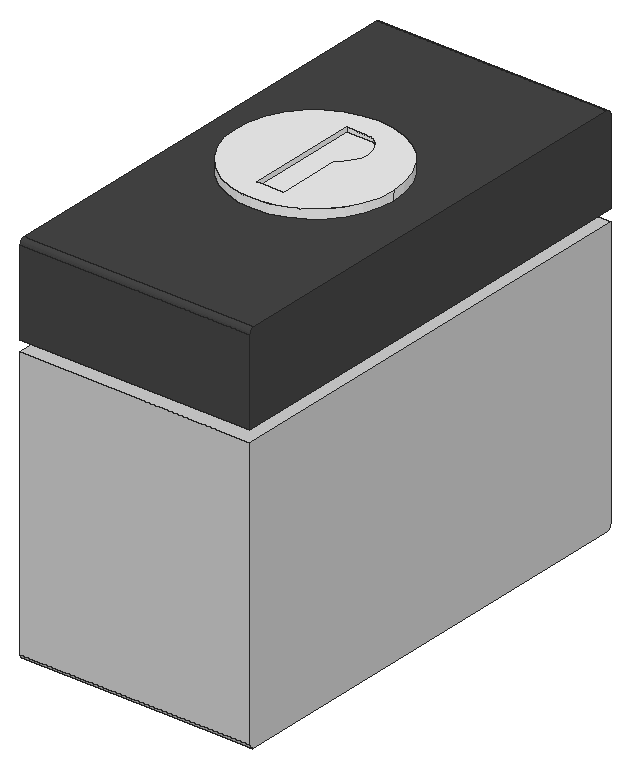
Revit family "Domotics-DomesticRanges-GEWISS-SYSTEM_COMMAND-ONE-WAY_SWITCH_KEY", category Apparecchi elettrici, host Superficie, Revit 2016
Family settings
  Host = Superficie
  Mantenere orientamento annotazione = Sì
  Tipo di parte = Normale
  Quota connettore circolare = Usa diametro
  Numero OmniClass = 23.80.50.11.14
  Titolo OmniClass = Switches
  Taglio con vuoti quando caricato = No
  Condiviso = Sì
  Punto di calcolo locali = Sì
Parameters (values of type "GW21005 - Key-operated switch-2P 10A black")
  Voltage: = "250 V ac"
  Voltage = "250 V ac"
  Volt = 230 V
  Vista di pianta [instance] = yes
  Version file RFA = "19.4"
  URL = "https://www.gewiss.com/ww/en"
  Typology = "With key"
  Type = "With key"
  Technical sheet = "https://www.gewiss.com/ww/en/search?q=GW21005"
  Symbol = "0/1"
  SIMBOLO [instance] = yes
  SEO = "1 way switch"
  Realized by GEWISS S.p.A. = ""
  Pulsante = GEWISS NERO
  Produttore = "GEWISS S.p.A."
  No. SYSTEM modules = "1"
  N. poli = 1
  Modello = "GW21005"
  Immagine tipo = gw21005.jpg
  Simbolo_ = SIMBOLO INTERRUTTORI : INTCHIAVE
  Offset interruttore [instance] = 0 mm
  Offset bidimensionale [instance] = 58 mm
  IFC.TypeObject = ""
  IFC.ExportType = ""
  IFC.ExportAs = ""
  IDT = "4eb9a7d3-e0a4-4258-a2b7-f9de543542f9"
  IDF = "46e1c4a7-1b6e-47e8-9bb1-a477be4951b1"
  Electrocod = "0130"
  EAN code = "8011564127982"
  Distanza_x [instance] = 0 mm
  Distanza_effettiva_y [instance] = 100 mm
  Distanza_effettiva_x [instance] = 1000 mm - Distanza_x  # 1000 mm
  Distanza orizzontale simbolo [instance] = 144.849 mm
  Distanza dal muro [instance] = 4.208 mm
  Default Elevation = 1219.2 mm
  Descrizione = "KEY-OPERATED SWITCH-2P 10A SY/BK"
  Description: = "2P - 10AX"
  Description. = "One-way switch (2P)"
  Colour = "Black"
  Characteristics = "2P - 10AX"
  Catalogue Range = "SYSTEM - DOMESTIC RANGE"
  Catalogue = "DOMOTICS"
  Carico apparente = 0 VA
  COBie.Tagnumber = ""
  COBie.CreatedOn = ""
  COBie.CreatebBy = ""
  COBie.ComponentRegisterItemID = ""
  COBie.Component.TagNumber = ""
  COBie.Component.Space = ""
  COBie.Component.SerialNumber = ""
  COBie.Component.InstallationDate = ""
  COBie.Component.Description = ""
  COBie.Component.BarCode = ""
  Button key = "With key"
Types (2, lengths in mm): name | Technical sheet | Pulsante | Modello | Immagine tipo | IDT | EAN code | Descrizione | Colour
  GW20005 - Key-operated switch-2P 10A white | "https://www.gewiss.com/ww/en/search?q=GW20005" | GEWISS BIANCO | "GW20005" | gw20005.jpg | "6e19c13a-4d11-4896-bf5f-5d669427493f" | "8011564000056" | "KEY-OPERATED SWITCH-2P 10A SY/WT" | "White"
  GW21005 - Key-operated switch-2P 10A black | "https://www.gewiss.com/ww/en/search?q=GW21005" | GEWISS NERO | "GW21005" | gw21005.jpg | "4eb9a7d3-e0a4-4258-a2b7-f9de543542f9" | "8011564127982" | "KEY-OPERATED SWITCH-2P 10A SY/BK" | "Black"
Reference planes
  plane 1 "Centro (Fronte/Retro)": y = 0
  plane 2: z = 0
  plane 3 "Centro (Sinistra/Destra)": x = 0
  plane 4: z = 0
  plane 5: z = 0
  plane 6 "PIANO PLACCA": z = 39
  plane 7 "bidimensionale": z = 58
  plane 8: x = -11.5
  plane 9: x = 11.5
  plane 10: y = 22.5
  plane 11: y = -22.5
  plane 12: x = -1000
  plane 13: x = 0
  plane 14: y = 100
Lines and regions (mm)
  Masking region 1, visible <- "Vista di pianta"
    outline origin (0, 0, 0) x (1, 0, 0) y (0, 0, 1)
      loop
        line (-11.5, 39) -> (-11.5, 0) -> (11.5, 0) -> (11.5, 39) -> (-11.5, 39)
  Masking region 2, visible <- "Vista di pianta"
    outline origin (0, 0, 58) x (-1, 0, 0) y (0, -1, 0)
      loop
        line (11.5, -22.5) -> (11.5, 22.5) -> (-11.5, 22.5) -> (-11.5, -22.5) -> (11.5, -22.5)
  Masking region 3, visible <- "Vista di pianta"
    outline origin (0, 0, 0) x (0, 1, 0) y (0, 0, 1)
      loop
        line (-22.5, 39) -> (-22.5, 0) -> (22.5, 0) -> (22.5, 39) -> (-22.5, 39)
  model lines, not visible, detail levels coarse
    curve 1: line (125.982, 72.539, 15.382) -> (148.982, 72.539, 15.382)
    curve 2: line (125.982, 27.539, 15.382) -> (125.982, 72.539, 15.382)
    curve 3: circle (137.561, 62.245, 15.382) r 2.942 normal (0, 0, 1)
    curve 4: circle (137.482, 50.039, 15.382) r 2.942 normal (0, 0, 1)
    curve 5: circle (137.561, 37.834, 15.382) r 2.942 normal (0, 0, 1)
    curve 6: line (148.982, 72.539, 15.382) -> (148.982, 27.539, 15.382)
    curve 7: line (148.982, 27.539, 15.382) -> (125.982, 27.539, 15.382)
  model lines, style "pulsanti", detail levels coarse
    curve 8: line (-11.5, 22.5, 39) -> (11.5, 22.5, 39)
    curve 9: line (-11.5, -22.5, 39) -> (-11.5, 22.5, 39)
    curve 10: line (11.5, -22.5, 39) -> (-11.5, -22.5, 39)
    curve 11: line (11.5, 22.5, 39) -> (11.5, -22.5, 39)
  model lines, style "pulsanti"
    curve 12: circle (0, 14.316, 39) r 2.574 normal (0, 0, -1)
    curve 13: line (9.731, 12.164, 39) -> (9.731, 7.164, 39)
    curve 14: circle (0, 0, 39) r 9.447 normal (0, 0, 1)
    curve 15: circle (0, 0, 39) r 7.891 normal (0, 0, 1)
    curve 16: line (1.32, 5.555, 39) -> (-1.32, 5.555, 39)
    curve 17: line (-1.32, 5.555, 39) -> (-1.32, 0.665, 39)
    curve 18: line (-1.32, 0.665, 39) -> (-1.32, -5.649, 39)
    curve 19: line (-1.32, -5.649, 39) -> (1.321, -5.649, 39)
    curve 20: line (1.321, -5.649, 39) -> (1.321, 0.666, 39)
    curve 21: arc (1.321, 0.666, 39) -> (2.778, 3.111, 39) -> (1.32, 5.555, 39) r 2.778
  model lines, style "pulsanti", not visible, detail levels coarse
    curve 22: line (-11.5, 22.5, 58) -> (11.5, 22.5, 58)
    curve 23: line (-11.5, -22.5, 58) -> (-11.5, 22.5, 58)
    curve 24: line (11.5, -22.5, 58) -> (-11.5, -22.5, 58)
    curve 25: line (11.5, 22.5, 58) -> (11.5, -22.5, 58)
    curve 26: circle (0, 14.316, 58) r 2.574 normal (0, 0, -1)
    curve 27: line (9.731, 12.164, 58) -> (9.731, 7.164, 58)
    curve 28: circle (0, 0, 58) r 9.447 normal (0, 0, 1)
    curve 29: circle (0, 0, 58) r 7.891 normal (0, 0, 1)
    curve 30: line (1.32, 5.555, 58) -> (-1.32, 5.555, 58)
    curve 31: line (-1.32, 5.555, 58) -> (-1.32, 0.665, 58)
    curve 32: line (-1.32, 0.665, 58) -> (-1.32, -5.649, 58)
    curve 33: line (-1.32, -5.649, 58) -> (1.321, -5.649, 58)
    curve 34: line (1.321, -5.649, 58) -> (1.321, 0.666, 58)
    curve 35: arc (1.321, 0.666, 58) -> (2.778, 3.111, 58) -> (1.32, 5.555, 58) r 2.778
  model lines, style "pulsanti", not visible, detail levels medium+fine
    curve 36: line (-11.5, 22.5, 39) -> (11.5, 22.5, 39)
    curve 37: line (-11.5, -22.5, 39) -> (-11.5, 22.5, 39)
    curve 38: line (11.5, -22.5, 39) -> (-11.5, -22.5, 39)
    curve 39: line (11.5, 22.5, 39) -> (11.5, -22.5, 39)
    curve 40: circle (0, 14.316, 39) r 2.574 normal (0, 0, -1)
    curve 41: line (9.731, 12.164, 39) -> (9.731, 7.164, 39)
    curve 42: circle (0, 0, 39) r 9.447 normal (0, 0, 1)
    curve 43: circle (0, 0, 39) r 7.891 normal (0, 0, 1)
    curve 44: line (1.32, 5.555, 39) -> (-1.32, 5.555, 39)
    curve 45: line (-1.32, 5.555, 39) -> (-1.32, 0.665, 39)
    curve 46: line (-1.32, 0.665, 39) -> (-1.32, -5.649, 39)
    curve 47: line (-1.32, -5.649, 39) -> (1.321, -5.649, 39)
    curve 48: line (1.321, -5.649, 39) -> (1.321, 0.666, 39)
    curve 49: arc (1.321, 0.666, 39) -> (2.778, 3.111, 39) -> (1.32, 5.555, 39) r 2.778
Dimensions and locks
  "Offset interruttore": plane 5 to host face
  locked: plane 6 "PIANO PLACCA" to plane 5 at 39
  "Offset bidimensionale": plane 7 "bidimensionale" to plane 4
  plane 6 "PIANO PLACCA" to plane 5 = 39 mm
  locked: plane 10 to plane 11 at 45
  plane 12 to plane 3 "Centro (Sinistra/Destra)" = 1000 mm
  "Distanza_effettiva_x": plane 12 to plane 13
  "Distanza_effettiva_y": plane 14 to plane 1 "Centro (Fronte/Retro)"
  aligned and locked: plane 2 to host face
  aligned and locked: level to host face
  aligned and locked: nested 1 to plane 5
  aligned and locked: Masking region 1 sketch curve to plane 6 "PIANO PLACCA"
  aligned and locked: plane 5 to Masking region 1 sketch curve
  aligned and locked: Masking region 1 sketch curve to plane 9
  aligned and locked: plane 8 to Masking region 1 sketch curve
  aligned and locked: plane 10 to nested 1
  aligned and locked: plane 11 to nested 1
  aligned and locked: plane 13 to nested 2
  aligned and locked: nested 2 to plane 14
  aligned and locked: Masking region 2 sketch curve to curve 8
  aligned and locked: plane 8 to Masking region 2 sketch curve
  aligned and locked: Masking region 2 sketch curve to curve 10
  aligned and locked: Masking region 2 sketch curve to curve 11
  aligned and locked: Masking region 3 sketch curve to plane 6 "PIANO PLACCA"
  aligned and locked: plane 11 to Masking region 3 sketch curve
  aligned and locked: plane 5 to Masking region 3 sketch curve
  aligned and locked: nested 1 to Masking region 3 sketch curve
Automatic sketch dimensions
  host sketch curve to host sketch curve = 2438.4 mm  (x2)
  curve 14 to curve 15 = 0 mm  (x4)
  curve 12 to curve 14 = 14.316 mm
  curve 21 to curve 14 = 3.11 mm
  curve 19 to curve 14 = 5.801 mm
  curve 11 to curve 19 = 19.687 mm
  curve 14 to curve 17 = 1.478 mm
  curve 14 to curve 21 = 1.48 mm
  curve 21 to curve 17 = 2.778 mm
  curve 16 to curve 13 = 8.564 mm
  curve 13 to curve 13 = 5 mm  (x2)
  curve 12 to curve 9 = 14.115 mm
  curve 13 to curve 8 = 10.486 mm
  curve 21 to curve 21 = 2.778 mm
  curve 13 to curve 12 = 9.967 mm
  curve 11 to curve 13 = 10.486 mm
  curve 16 to curve 17 = 2.639 mm
  curve 19 to curve 18 = 2.641 mm
  curve 18 to curve 10 = 19.687 mm
  curve 42 to curve 43 = 0 mm  (x4)
  curve 40 to curve 42 = 0 mm
  curve 49 to curve 42 = 0 mm
  curve 47 to curve 42 = 5.649 mm
  curve 39 to curve 47 = 16.851 mm
  curve 42 to curve 45 = 0.665 mm
  curve 42 to curve 49 = 0.666 mm
  curve 49 to curve 45 = 2.445 mm
  curve 44 to curve 41 = 1.609 mm
  curve 41 to curve 41 = 5 mm
  curve 40 to curve 37 = 8.184 mm
  curve 41 to curve 36 = 10.336 mm
  curve 49 to curve 49 = 1.32 mm
  curve 41 to curve 40 = 9.731 mm
  curve 39 to curve 41 = 1.769 mm
  curve 44 to curve 45 = 2.639 mm
  curve 47 to curve 46 = 2.641 mm
  curve 46 to curve 38 = 10.18 mm
  curve 18 to nested 1 = 0 mm  (x2)
  curve 20 to nested 1 = 0 mm
  curve 17 to nested 1 = 0 mm
  nested 1 to curve 12 = 1.32 mm
  curve 12 to nested 1 = 8.761 mm
  curve 11 to nested 1 = 16.851 mm
  curve 14 to curve 17 = 0.665 mm
  curve 13 to nested 1 = 1.609 mm
  curve 12 to curve 9 = 8.184 mm
  curve 13 to nested 1 = 8.41 mm
  curve 11 to nested 1 = 10.179 mm
  curve 10 to nested 1 = 10.18 mm
  radius of curve 12 = 2.574 mm  (x2)
  radius of curve 14 = 9.447 mm
  radius of curve 15 = 7.891 mm
  radius of curve 40 = 2.574 mm
  radius of curve 42 = 9.447 mm
  radius of curve 43 = 7.891 mm
  radius of nested 1 to curve 14 = 1.556 mm
  radius of curve 15 to nested 1 = 0 mm
  radius of curve 21 to nested 1 = 0 mm
Nested families
  nested 1: "SYSTEM INTERRUTTORI CHIAVE_BASE" at (0, 0, 0), Pulsante <- "Pulsante", type "GW20005 - INTERRUTTORE 2P 10A CON CHIAVE SY/WT", detail levels medium+fine
    with Pulsante GEWISS NERO
  nested 2: "SIMBOLO INTERRUTTORI" at (0, 100, 0), type <- "Simbolo_", Distanza dal muro <- "Distanza dal muro", SIMBOLO <- "SIMBOLO", visible <- "SIMBOLO", type "INTCHIAVE"
    with BORDO ACCESO yes
Connectors
  electrical at (0, 0, 0), driven by "N. poli", driven by "Volt", driven by "Carico apparente"
    settings: on nested 1, index 1, voltage 230 V, apparent load 0 VA, apparent load phase1 0 VA, apparent load phase2 0 VA, apparent load phase3 0 VA, power factor 1, load classification "Other", number of poles 1, system type 31, power factor state 1, is connector primary yes, connector utility no, sub classification motor no, connector description ""
Definition of nested family "SYSTEM INTERRUTTORI CHIAVE_BASE"
  Parameters (values of type "GW20005 - INTERRUTTORE 2P 10A CON CHIAVE SY/WT")
    Vetro illuminato = yes
    Struttura = none
    Simbolo = INCHIAVE : INCHIAVE
    Pulsante [instance] = none
    Profondità totale = 39 mm
    Profondità supporto = 26 mm
    Larghezza pulsante = 23 mm
    Distanza simbolo = 254 mm
    Default Elevation = 1219.2 mm
    Chiave = none
    Bidimensionale = 44.7 mm
    Altezza simbolo = 306 mm
    Altezza pulsante = 45 mm
  Reference planes
    plane 1 "Centro (Fronte/Retro)": y = 0
    plane 2: z = 0
    plane 3 "Centro (Sinistra/Destra)": x = 0
    plane 4: x = -10.5
    plane 5: x = 10.5
    plane 6: y = 22.5
    plane 7: y = -22.5
    plane 8: z = 26
    plane 9: x = -11.5
    plane 10: x = 11.5
    plane 11: z = 37.721
    plane 12 "PIANO BIDIMENSIONALE": z = 44.7
    plane 13: z = 39
  Forms (mm)
    Extrusion 1, solid, material <- "Struttura", detail levels medium+fine
      sketch origin (0, 0, 0) x (0, 1, 0) y (0, 0, 1)
        loop
          line (22.5, 0.5) -> (22.5, 27.571) -> (-22.5, 27.571) -> (-22.5, 0.5)
          arc (-22.5, 0.5) -> (-22.354, 0.146) -> (-22, 0) r 0.5
          line (-22, 0) -> (22, 0)
          arc (22, 0) -> (22.354, 0.146) -> (22.5, 0.5) r 0.5
      from -11.5 to 11.5
    Extrusion 2, solid, material <- "Pulsante", detail levels medium+fine
      sketch origin (0, 0, 0) x (0, 1, 0) y (0, 0, 1)
        loop
          arc (-22, 37.721) -> (-22.354, 37.575) -> (-22.5, 37.221) r 0.5
          line (-22.5, 37.221) -> (-22.5, 28.721) -> (3, 28.721) -> (22.5, 28.721) -> (22.5, 37.221)
          arc (22.5, 37.221) -> (22.354, 37.575) -> (22, 37.721) r 0.5
          arc (22, 37.721) -> (0, 38.721) -> (-22, 37.721) r 242.438
      from -11.5 to 11.5
    Extrusion 3, solid, material <- "Chiave", detail levels medium+fine
      sketch origin (0, 0, 0) x (1, 0, 0) y (0, 1, 0)
        loop
          circle (0, 0) r 7.891
      from 39 to 38.109
    Extrusion 4, void, detail levels medium+fine
      sketch origin (0, 0, 0) x (1, 0, 0) y (0, 1, 0)
        loop
          line (-1.32, 5.555) -> (-1.32, -5.649) -> (1.321, -5.649) -> (1.321, 0.666)
          arc (1.321, 0.666) -> (2.778, 3.111) -> (1.32, 5.555) r 2.778
          line (1.32, 5.555) -> (-1.32, 5.555)
      from 38.604 to 39
  Cuts and joins
    Extrusion 4 cuts Extrusion 1
    Extrusion 4 cuts Extrusion 3
  Lines and regions (mm)
    Masking region 1
      outline origin (0, 0, 44.7) x (1, 0, 0) y (0, 1, 0)
        loop
          line (-11.5, 22.5) -> (-11.5, -22.5) -> (11.5, -22.5) -> (11.5, 22.5) -> (-11.5, 22.5)
        loop
          circle (0, 0) r 9.447
        loop
          circle (0, 14.316) r 2.574
    Masking region 2
      outline origin (0, 0, 44.7) x (1, 0, 0) y (0, 1, 0)
        loop
          circle (0, 0) r 9.447
        loop
          circle (0, 0) r 7.891
    Masking region 3
      outline origin (0, 0, 44.7) x (1, 0, 0) y (0, 1, 0)
        loop
          circle (0, 0) r 7.891
        loop
          line (-1.32, -5.649) -> (1.321, -5.649) -> (1.321, 0.666)
          arc (1.321, 0.666) -> (2.778, 3.111) -> (1.32, 5.555) r 2.778
          line (1.32, 5.555) -> (-1.32, 5.555) -> (-1.32, -5.649)
    Masking region 4
      outline origin (0, 0, 44.7) x (1, 0, 0) y (0, 1, 0)
        loop
          line (-1.32, 5.555) -> (-1.32, -5.649) -> (1.321, -5.649) -> (1.321, 0.666)
          arc (1.321, 0.666) -> (2.778, 3.111) -> (1.32, 5.555) r 2.778
          line (1.32, 5.555) -> (-1.32, 5.555)
    Masking region 5
      outline origin (0, 0, 44.7) x (1, 0, 0) y (0, 1, 0)
        loop
          circle (0, 14.316) r 2.574
    reference lines
      curve 1: line (0, 75.97, 28.721) -> (0, -79.03, 28.721)
  Dimensions and locks
    equal spacing: plane 7, plane 1 "Centro (Fronte/Retro)", plane 6
    "Altezza pulsante": plane 7 to plane 6
    equal spacing: plane 4, plane 3 "Centro (Sinistra/Destra)", plane 5
    "Bidimensionale": level to plane 12 "PIANO BIDIMENSIONALE"
    "Profondità supporto": plane 8 to plane 2
    "Profondità totale": plane 13 to plane 2
    "Larghezza pulsante": plane 9 to plane 10
    plane 9 to plane 4 = 1 mm
    plane 5 to plane 10 = 1 mm
    aligned and locked: level to plane 2
    aligned and locked: cut or joined group of Extrusion 3, Extrusion 4 to Extrusion 4
    aligned and locked: Extrusion 1 to Extrusion 2  (x2)
    aligned and locked: cut or joined group of Extrusion 1, Extrusion 4 to plane 7
    aligned and locked: cut or joined group of Extrusion 1, Extrusion 4 to plane 6
    aligned and locked: Extrusion 2 to plane 6
    aligned and locked: Extrusion 2 to plane 7
    aligned and locked: plane 9 to cut or joined group of Extrusion 1, Extrusion 4
    aligned and locked: cut or joined group of Extrusion 1, Extrusion 4 to plane 10
    aligned and locked: Masking region 1 sketch curve to Extrusion 2  (x4)
  Automatic sketch dimensions
    curve 1 to plane 7 = 56.53 mm
    level to curve 1 = 28.721 mm
    curve 1 to plane 6 = 53.47 mm
    Extrusion 4 sketch curve to plane 3 "Centro (Sinistra/Destra)" = 1.32 mm
    plane 3 "Centro (Sinistra/Destra)" to Extrusion 4 sketch curve = 1.321 mm
    plane 1 "Centro (Fronte/Retro)" to Extrusion 4 sketch curve = 5.649 mm
    Extrusion 4 sketch curve to plane 3 "Centro (Sinistra/Destra)" = 0 mm
    Extrusion 4 sketch curve to Extrusion 4 sketch curve = 2.445 mm
    Extrusion 4 sketch curve to plane 1 "Centro (Fronte/Retro)" = 0.666 mm
    plane 3 "Centro (Sinistra/Destra)" to Extrusion 4 sketch curve = 1.32 mm
    Masking region 1 sketch curve to Masking region 1 sketch curve = 0 mm  (x2)
    plane 1 "Centro (Fronte/Retro)" to Masking region 1 sketch curve = 0 mm
    Masking region 1 sketch curve to plane 3 "Centro (Sinistra/Destra)" = 0 mm
    Masking region 1 sketch curve to plane 4 = 1.053 mm
    plane 1 "Centro (Fronte/Retro)" to Masking region 2 sketch curve = 0 mm
    Masking region 2 sketch curve to plane 3 "Centro (Sinistra/Destra)" = 0 mm
    Masking region 2 sketch curve to plane 4 = 1.053 mm
    Masking region 2 sketch curve to Masking region 2 sketch curve = 0 mm  (x2)
    Masking region 2 sketch curve to Masking region 2 sketch curve = 1.556 mm
    plane 1 "Centro (Fronte/Retro)" to Masking region 3 sketch curve = 0 mm
    Masking region 3 sketch curve to plane 3 "Centro (Sinistra/Destra)" = 0 mm  (x2)
    Masking region 3 sketch curve to plane 4 = 2.609 mm
    Masking region 3 sketch curve to plane 3 "Centro (Sinistra/Destra)" = 1.32 mm
    Masking region 3 sketch curve to plane 1 "Centro (Fronte/Retro)" = 5.555 mm
    plane 3 "Centro (Sinistra/Destra)" to Masking region 3 sketch curve = 1.32 mm
    plane 1 "Centro (Fronte/Retro)" to Masking region 3 sketch curve = 5.649 mm
    Masking region 3 sketch curve to Masking region 3 sketch curve = 2.445 mm
    Masking region 3 sketch curve to plane 1 "Centro (Fronte/Retro)" = 0.666 mm
    Masking region 4 sketch curve to plane 3 "Centro (Sinistra/Destra)" = 0 mm
    plane 3 "Centro (Sinistra/Destra)" to Masking region 4 sketch curve = 1.32 mm
    Masking region 4 sketch curve to plane 1 "Centro (Fronte/Retro)" = 3.11 mm
    Masking region 4 sketch curve to Masking region 4 sketch curve = 2.445 mm
    Masking region 4 sketch curve to plane 1 "Centro (Fronte/Retro)" = 0.666 mm
    plane 1 "Centro (Fronte/Retro)" to Masking region 4 sketch curve = 5.649 mm
    Masking region 4 sketch curve to plane 3 "Centro (Sinistra/Destra)" = 1.32 mm
    Masking region 5 sketch curve to Masking region 5 sketch curve = 0 mm  (x2)
    Masking region 5 sketch curve to plane 3 "Centro (Sinistra/Destra)" = 0 mm
    plane 6 to Masking region 5 sketch curve = 8.184 mm
    Masking region 5 sketch curve to plane 3 "Centro (Sinistra/Destra)" = 2.574 mm
    Extrusion 2 sketch curve to plane 7 = 0 mm
    Extrusion 2 sketch curve to plane 11 = 0 mm  (x2)
    Extrusion 2 sketch curve to plane 1 "Centro (Fronte/Retro)" = 0 mm
    Extrusion 2 sketch curve to plane 6 = 0 mm
    plane 7 to Extrusion 2 sketch curve = 0.5 mm
    Extrusion 2 sketch curve to plane 8 = 2.721 mm
    Extrusion 2 sketch curve to level = 203.717 mm
    Extrusion 2 sketch curve to plane 1 "Centro (Fronte/Retro)" = 3 mm
    Extrusion 1 sketch curve to plane 7 = 0 mm
    Extrusion 1 sketch curve to level = 0 mm
    Extrusion 1 sketch curve to plane 6 = 0 mm
    plane 7 to Extrusion 1 sketch curve = 0.5 mm
    level to Extrusion 1 sketch curve = 0.5 mm
    Extrusion 1 sketch curve to plane 8 = 1.571 mm
  Connectors
    electrical at (0, 0, 0)
      settings: on cut or joined group of Extrusion 1, Extrusion 4, index 1, voltage 0 V, apparent load 0 VA, apparent load phase1 0 VA, apparent load phase2 0 VA, apparent load phase3 0 VA, power factor 1, load classification none, number of poles 1, system type 31, power factor state 1, is connector primary yes, connector utility no, sub classification motor no, connector description ""
Definition of nested family "SIMBOLO INTERRUTTORI"
  Parameters (values of type "RELE PP")
    TIPO SIMBOLO = SIMBOLO INTERRUTTORI_BASE : RELE PP
    SIMBOLO [instance] = yes
    Distanza dal muro [instance] = 4.208 mm
    BORDO ACCESO [instance] = yes
  Types (8, lengths in mm): name | TIPO SIMBOLO
    INT1P | SIMBOLO INTERRUTTORI_BASE : INT1P
    INT1PLUM | SIMBOLO INTERRUTTORI_BASE : INT1PLUM
    INT2P | SIMBOLO INTERRUTTORI_BASE : INT2P
    INT2PLUM | SIMBOLO INTERRUTTORI_BASE : INT2PLUM
    INTCHIAVE | SIMBOLO INTERRUTTORI_BASE : INTCHIAVE
    RELE | SIMBOLO INTERRUTTORI_BASE : RELE
    RELE M | SIMBOLO INTERRUTTORI_BASE : RELE M
    RELE PP | SIMBOLO INTERRUTTORI_BASE : RELE PP
  Reference planes
    plane 1: y = 0
    plane 2: x = 0
  Lines and regions (mm)
    detail lines, visible <- "BORDO ACCESO", not visible
      curve 1: line (-2.25, 0.412, 0) -> (2.25, 0.412, 0)
      curve 2: line (2.25, 0.412, 0) -> (2.25, -5.588, 0)
      curve 3: line (2.25, -5.588, 0) -> (-2.25, -5.588, 0)
      curve 4: line (-2.25, -5.588, 0) -> (-2.25, 0.412, 0)
      curve 30: line (-1.85, 0.012, 0) -> (1.85, 0.012, 0)
      curve 31: line (1.85, 0.012, 0) -> (1.85, -5.188, 0)
      curve 32: line (1.85, -5.188, 0) -> (-1.85, -5.188, 0)
      curve 33: line (-1.85, -5.188, 0) -> (-1.85, 0.012, 0)
      curve 34: line (-2.25, 6, 0) -> (2.25, 6, 0)
      curve 35: line (2.25, 6, 0) -> (2.25, 0, 0)
      curve 36: line (2.25, 0, 0) -> (-2.25, 0, 0)
      curve 37: line (-2.25, 0, 0) -> (-2.25, 6, 0)
      curve 61: line (-1.85, 5.6, 0) -> (1.85, 5.6, 0)
      curve 62: line (1.85, 5.6, 0) -> (1.85, 0.4, 0)
      curve 63: line (1.85, 0.4, 0) -> (-1.85, 0.4, 0)
      curve 64: line (-1.85, 0.4, 0) -> (-1.85, 5.6, 0)
    detail lines, not visible
      curve 5: line (-9.473, -5.588, 0) -> (10.527, -5.588, 0)
      curve 6: circle (-0.56, -0.487, 0) r 0.969 normal (0, 0, 1)
      curve 7: line (-0.005, 0.306, 0) -> (0.852, 1.529, 0)
      curve 8: line (0.852, 1.529, 0) -> (1.529, 1.047, 0)
      curve 9: circle (-0.56, -315.487, 0) r 0.969 normal (0, 0, 1)
      curve 10: line (-0.005, -314.694, 0) -> (0.852, -313.471, 0)
      curve 11: line (0.852, -313.471, 0) -> (1.529, -313.953, 0)
      curve 12: line (-1.245, -314.803, 0) -> (0.124, -316.172, 0)
      curve 13: line (0.124, -314.803, 0) -> (-1.245, -316.172, 0)
      curve 14: circle (-0.56, -480.487, 0) r 0.969 normal (0, 0, 1)
      curve 15: line (-0.005, -479.694, 0) -> (0.852, -478.471, 0)
      curve 16: line (0.852, -478.471, 0) -> (1.529, -478.953, 0)
      curve 17: line (0.493, -478.983, 0) -> (1.167, -479.462, 0)
      curve 18: circle (-0.56, -880.487, 0) r 0.969 normal (0, 0, 1)
      curve 19: line (-0.005, -879.694, 0) -> (0.852, -878.471, 0)
      curve 20: line (0.852, -878.471, 0) -> (1.529, -878.953, 0)
      curve 21: line (-1.245, -879.803, 0) -> (0.124, -881.172, 0)
      curve 22: line (0.124, -879.803, 0) -> (-1.245, -881.172, 0)
      curve 23: line (0.493, -878.983, 0) -> (1.167, -879.462, 0)
      curve 24: circle (-0.56, -365.487, 0) r 0.969 normal (0, 0, 1)
      curve 25: line (-0.005, -364.694, 0) -> (0.852, -363.471, 0)
      curve 26: line (0.852, -363.471, 0) -> (1.529, -363.953, 0)
      curve 27: line (-0.56, -364.925, 0) -> (-0.56, -366.05, 0)
      curve 28: line (0.493, -363.983, 0) -> (1.167, -364.462, 0)
      curve 29: line (0, 3.621, 0) -> (0, -16.379, 0)
      curve 38: circle (-0.56, 2.417, 0) r 0.969 normal (0, 0, 1)
      curve 39: line (-0.005, 3.21, 0) -> (0.852, 4.433, 0)
      curve 40: line (0.852, 4.433, 0) -> (1.529, 3.951, 0)
      curve 41: circle (-0.56, 2.417, 0) r 0.969 normal (0, 0, 1)
      curve 42: line (-0.005, 3.21, 0) -> (0.852, 4.433, 0)
      curve 43: line (0.852, 4.433, 0) -> (1.529, 3.951, 0)
      curve 44: line (-1.245, 3.102, 0) -> (0.124, 1.732, 0)
      curve 45: line (0.124, 3.102, 0) -> (-1.245, 1.732, 0)
      curve 46: circle (-0.56, 2.417, 0) r 0.969 normal (0, 0, 1)
      curve 47: line (-0.005, 3.21, 0) -> (0.852, 4.433, 0)
      curve 48: line (0.852, 4.433, 0) -> (1.529, 3.951, 0)
      curve 49: circle (-0.56, 2.417, 0) r 0.969 normal (0, 0, 1)
      curve 50: line (-0.005, 3.21, 0) -> (0.852, 4.433, 0)
      curve 51: line (0.852, 4.433, 0) -> (1.529, 3.951, 0)
      curve 52: line (-1.245, 3.102, 0) -> (0.124, 1.732, 0)
      curve 53: line (0.124, 3.102, 0) -> (-1.245, 1.732, 0)
      curve 54: line (0.493, 3.921, 0) -> (1.167, 3.442, 0)
      curve 55: line (0.493, 3.921, 0) -> (1.167, 3.442, 0)
      curve 56: circle (-0.56, 2.417, 0) r 0.969 normal (0, 0, 1)
      curve 57: line (-0.005, 3.21, 0) -> (0.852, 4.433, 0)
      curve 58: line (0.852, 4.433, 0) -> (1.529, 3.951, 0)
      curve 59: line (-0.56, 2.979, 0) -> (-0.56, 1.854, 0)
      curve 60: line (0.493, 3.921, 0) -> (1.167, 3.442, 0)
  Dimensions and locks
    aligned and locked: curve 5 to curve 3
    aligned and locked: plane 2 to nested 1
    aligned and locked: plane 1 to nested 1
  Nested families
    nested 1: "SIMBOLO INTERRUTTORI_BASE" at (0, 0, 0), type <- "TIPO SIMBOLO", BORDO ACCESO <- "BORDO ACCESO", visible <- "SIMBOLO", type "RELE PP"
      with BORDO ACCESO yes
  Definition of nested family "SIMBOLO INTERRUTTORI_BASE"
    Parameters (values of type "RELE PP")
      RELE PP = yes
      RELE M = no
      RELE = yes
      INTCHIAVE = no
      INT2PLUM = no
      INT2P = no
      INT1PLUM = no
      INT1P = no
      Distanza dal muro = 4.208 mm
      BORDO ACCESO [instance] = yes
    Types (8, lengths in mm): name | RELE PP | RELE M | RELE | INTCHIAVE | INT2PLUM | INT2P | INT1PLUM | INT1P
      INT1P | no | no | no | no | no | no | no | yes
      INT1PLUM | no | no | no | no | no | no | yes | no
      INT2P | no | no | no | no | no | yes | no | no
      INT2PLUM | no | no | no | no | yes | no | no | no
      INTCHIAVE | no | no | no | yes | no | no | no | no
      RELE | no | no | yes | no | no | no | no | no
      RELE M | no | yes | yes | no | no | no | no | no
      RELE PP | yes | no | yes | no | no | no | no | no
    Reference planes
      plane 1: y = 0
      plane 2: x = 0
    Lines and regions (mm)
      detail lines, visible <- "BORDO ACCESO", not visible
        curve 1: line (-2.25, 0.412, 0) -> (2.25, 0.412, 0)
        curve 2: line (2.25, 0.412, 0) -> (2.25, -5.588, 0)
        curve 3: line (2.25, -5.588, 0) -> (-2.25, -5.588, 0)
        curve 4: line (-2.25, -5.588, 0) -> (-2.25, 0.412, 0)
        curve 53: line (-1.85, 0.012, 0) -> (1.85, 0.012, 0)
        curve 54: line (1.85, 0.012, 0) -> (1.85, -5.188, 0)
        curve 55: line (1.85, -5.188, 0) -> (-1.85, -5.188, 0)
        curve 56: line (-1.85, -5.188, 0) -> (-1.85, 0.012, 0)
        curve 57: line (-2.25, 6, 0) -> (2.25, 6, 0)
        curve 58: line (2.25, 6, 0) -> (2.25, 0, 0)
        curve 59: line (2.25, 0, 0) -> (-2.25, 0, 0)
        curve 60: line (-2.25, 0, 0) -> (-2.25, 6, 0)
        curve 84: line (-1.85, 5.6, 0) -> (1.85, 5.6, 0)
        curve 85: line (1.85, 5.6, 0) -> (1.85, 0.4, 0)
        curve 86: line (1.85, 0.4, 0) -> (-1.85, 0.4, 0)
        curve 87: line (-1.85, 0.4, 0) -> (-1.85, 5.6, 0)
      detail lines, not visible
        curve 5: line (-9.473, -5.588, 0) -> (10.527, -5.588, 0)
        curve 52: line (0, 3.621, 0) -> (0, -16.379, 0)
      detail lines, visible <- "INT1P"
        curve 6: circle (-0.285, 0.931, 0) r 0.531 normal (0, 0, 1)
        curve 7: line (0.02, 1.365, 0) -> (0.489, 2.035, 0)
        curve 8: line (0.489, 2.035, 0) -> (0.86, 1.771, 0)
      detail lines, visible <- "INT1P", not visible
        curve 9: circle (-0.56, -0.487, 0) r 0.969 normal (0, 0, 1)
        curve 10: line (-0.005, 0.306, 0) -> (0.852, 1.529, 0)
        curve 11: line (0.852, 1.529, 0) -> (1.529, 1.047, 0)
        curve 61: circle (-0.56, 2.417, 0) r 0.969 normal (0, 0, 1)
        curve 62: line (-0.005, 3.21, 0) -> (0.852, 4.433, 0)
        curve 63: line (0.852, 4.433, 0) -> (1.529, 3.951, 0)
        curve 112: circle (-0.285, 2.181, 0) r 0.531 normal (0, 0, 1)
        curve 113: line (0.02, 2.615, 0) -> (0.489, 3.285, 0)
        curve 114: line (0.489, 3.285, 0) -> (0.86, 3.021, 0)
      detail lines, visible <- "INT1PLUM"
        curve 12: circle (-0.285, 0.931, 0) r 0.531 normal (0, 0, 1)
        curve 13: line (0.02, 1.365, 0) -> (0.489, 2.035, 0)
        curve 14: line (0.489, 2.035, 0) -> (0.86, 1.771, 0)
        curve 15: line (-0.66, 1.306, 0) -> (0.091, 0.555, 0)
        curve 16: line (0.091, 1.306, 0) -> (-0.66, 0.555, 0)
      detail lines, visible <- "INT1PLUM", not visible
        curve 17: circle (-0.56, -315.487, 0) r 0.969 normal (0, 0, 1)
        curve 18: line (-0.005, -314.694, 0) -> (0.852, -313.471, 0)
        curve 19: line (0.852, -313.471, 0) -> (1.529, -313.953, 0)
        curve 20: line (-1.245, -314.803, 0) -> (0.124, -316.172, 0)
        curve 21: line (0.124, -314.803, 0) -> (-1.245, -316.172, 0)
        curve 64: circle (-0.56, 2.417, 0) r 0.969 normal (0, 0, 1)
        curve 65: line (-0.005, 3.21, 0) -> (0.852, 4.433, 0)
        curve 66: line (0.852, 4.433, 0) -> (1.529, 3.951, 0)
        curve 67: line (-1.245, 3.102, 0) -> (0.124, 1.732, 0)
        curve 68: line (0.124, 3.102, 0) -> (-1.245, 1.732, 0)
        curve 115: circle (-0.285, 2.181, 0) r 0.531 normal (0, 0, 1)
        curve 116: line (0.02, 2.615, 0) -> (0.489, 3.285, 0)
        curve 117: line (0.489, 3.285, 0) -> (0.86, 3.021, 0)
        curve 118: line (-0.66, 2.556, 0) -> (0.091, 1.805, 0)
        curve 119: line (0.091, 2.556, 0) -> (-0.66, 1.805, 0)
      detail lines, visible <- "INT2P"
        curve 22: circle (-0.285, 0.931, 0) r 0.531 normal (0, 0, 1)
        curve 23: line (0.02, 1.365, 0) -> (0.489, 2.035, 0)
        curve 24: line (0.489, 2.035, 0) -> (0.86, 1.771, 0)
        curve 30: line (0.293, 1.755, 0) -> (0.662, 1.492, 0)
      detail lines, visible <- "INT2PLUM"
        curve 25: circle (-0.285, 0.931, 0) r 0.531 normal (0, 0, 1)
        curve 26: line (0.02, 1.365, 0) -> (0.489, 2.035, 0)
        curve 27: line (0.489, 2.035, 0) -> (0.86, 1.771, 0)
        curve 28: line (-0.66, 1.306, 0) -> (0.091, 0.555, 0)
        curve 29: line (0.091, 1.306, 0) -> (-0.66, 0.555, 0)
        curve 31: line (0.293, 1.755, 0) -> (0.662, 1.492, 0)
      detail lines, visible <- "INT2P", not visible
        curve 32: circle (-0.56, -480.487, 0) r 0.969 normal (0, 0, 1)
        curve 33: line (-0.005, -479.694, 0) -> (0.852, -478.471, 0)
        curve 34: line (0.852, -478.471, 0) -> (1.529, -478.953, 0)
        curve 35: line (0.493, -478.983, 0) -> (1.167, -479.462, 0)
        curve 69: circle (-0.56, 2.417, 0) r 0.969 normal (0, 0, 1)
        curve 70: line (-0.005, 3.21, 0) -> (0.852, 4.433, 0)
        curve 71: line (0.852, 4.433, 0) -> (1.529, 3.951, 0)
        curve 77: line (0.493, 3.921, 0) -> (1.167, 3.442, 0)
        curve 120: circle (-0.285, 2.181, 0) r 0.531 normal (0, 0, 1)
        curve 121: line (0.02, 2.615, 0) -> (0.489, 3.285, 0)
        curve 122: line (0.489, 3.285, 0) -> (0.86, 3.021, 0)
        curve 128: line (0.293, 3.005, 0) -> (0.662, 2.742, 0)
      detail lines, visible <- "INT2PLUM", not visible
        curve 36: circle (-0.56, -880.487, 0) r 0.969 normal (0, 0, 1)
        curve 37: line (-0.005, -879.694, 0) -> (0.852, -878.471, 0)
        curve 38: line (0.852, -878.471, 0) -> (1.529, -878.953, 0)
        curve 39: line (-1.245, -879.803, 0) -> (0.124, -881.172, 0)
        curve 40: line (0.124, -879.803, 0) -> (-1.245, -881.172, 0)
        curve 41: line (0.493, -878.983, 0) -> (1.167, -879.462, 0)
        curve 72: circle (-0.56, 2.417, 0) r 0.969 normal (0, 0, 1)
        curve 73: line (-0.005, 3.21, 0) -> (0.852, 4.433, 0)
        curve 74: line (0.852, 4.433, 0) -> (1.529, 3.951, 0)
        curve 75: line (-1.245, 3.102, 0) -> (0.124, 1.732, 0)
        curve 76: line (0.124, 3.102, 0) -> (-1.245, 1.732, 0)
        curve 78: line (0.493, 3.921, 0) -> (1.167, 3.442, 0)
        curve 123: circle (-0.285, 2.181, 0) r 0.531 normal (0, 0, 1)
        curve 124: line (0.02, 2.615, 0) -> (0.489, 3.285, 0)
        curve 125: line (0.489, 3.285, 0) -> (0.86, 3.021, 0)
        curve 126: line (-0.66, 2.556, 0) -> (0.091, 1.805, 0)
        curve 127: line (0.091, 2.556, 0) -> (-0.66, 1.805, 0)
        curve 129: line (0.293, 3.005, 0) -> (0.662, 2.742, 0)
      detail lines, visible <- "INTCHIAVE"
        curve 42: circle (-0.285, 0.931, 0) r 0.531 normal (0, 0, 1)
        curve 43: line (0.02, 1.365, 0) -> (0.489, 2.035, 0)
        curve 44: line (0.489, 2.035, 0) -> (0.86, 1.771, 0)
        curve 45: line (-0.285, 1.25, 0) -> (-0.285, 0.622, 0)
        curve 46: line (0.293, 1.755, 0) -> (0.662, 1.492, 0)
      detail lines, visible <- "INTCHIAVE", not visible
        curve 47: circle (-0.56, -365.487, 0) r 0.969 normal (0, 0, 1)
        curve 48: line (-0.005, -364.694, 0) -> (0.852, -363.471, 0)
        curve 49: line (0.852, -363.471, 0) -> (1.529, -363.953, 0)
        curve 50: line (-0.56, -364.925, 0) -> (-0.56, -366.05, 0)
        curve 51: line (0.493, -363.983, 0) -> (1.167, -364.462, 0)
        curve 79: circle (-0.56, 2.417, 0) r 0.969 normal (0, 0, 1)
        curve 80: line (-0.005, 3.21, 0) -> (0.852, 4.433, 0)
        curve 81: line (0.852, 4.433, 0) -> (1.529, 3.951, 0)
        curve 82: line (-0.56, 2.979, 0) -> (-0.56, 1.854, 0)
        curve 83: line (0.493, 3.921, 0) -> (1.167, 3.442, 0)
        curve 130: circle (-0.285, 2.181, 0) r 0.531 normal (0, 0, 1)
        curve 131: line (0.02, 2.615, 0) -> (0.489, 3.285, 0)
        curve 132: line (0.489, 3.285, 0) -> (0.86, 3.021, 0)
        curve 133: line (-0.285, 2.5, 0) -> (-0.285, 1.872, 0)
        curve 134: line (0.293, 3.005, 0) -> (0.662, 2.742, 0)
      detail lines, visible <- "RELE"
        curve 88: line (-0.795, 1.705, 0) -> (0.795, 1.705, 0)
        curve 89: line (-0.795, 0.796, 0) -> (-0.795, 1.705, 0)
        curve 90: line (0.795, 0.796, 0) -> (-0.795, 0.796, 0)
        curve 91: line (0.795, 1.705, 0) -> (0.795, 0.796, 0)
        curve 92: line (0, 1.705, 0) -> (0, 2.027, 0)
        curve 93: line (0, 0.796, 0) -> (0, 0.483, 0)
      detail lines, visible <- "RELE M"
        curve 94: line (0.29, 1.606, 0) -> (-0.29, 0.891, 0)
        curve 95: line (0.29, 1.606, 0) -> (0.501, 1.606, 0)
        curve 96: line (-0.29, 0.891, 0) -> (-0.511, 0.891, 0)
      detail lines, visible <- "RELE PP"
        curve 97: line (0, 1.606, 0) -> (0, 0.891, 0)
        curve 98: line (-0.245, 0.891, 0) -> (0, 0.891, 0)
        curve 99: line (0.189, 1.606, 0) -> (0, 1.606, 0)
      detail lines, visible <- "RELE", not visible
        curve 100: line (-1.85, -1.48, 0) -> (1.053, -1.48, 0)
        curve 101: line (-1.85, -3.139, 0) -> (-1.85, -1.48, 0)
        curve 102: line (1.053, -3.139, 0) -> (-1.85, -3.139, 0)
        curve 103: line (1.053, -1.48, 0) -> (1.053, -3.139, 0)
        curve 104: line (-0.399, -1.48, 0) -> (-0.399, -0.893, 0)
        curve 105: line (-0.399, -3.139, 0) -> (-0.399, -3.727, 0)
        curve 135: line (-0.795, 2.955, 0) -> (0.795, 2.955, 0)
        curve 136: line (-0.795, 2.046, 0) -> (-0.795, 2.955, 0)
        curve 137: line (0.795, 2.046, 0) -> (-0.795, 2.046, 0)
        curve 138: line (0.795, 2.955, 0) -> (0.795, 2.046, 0)
        curve 139: line (0, 2.955, 0) -> (0, 3.277, 0)
        curve 140: line (0, 2.046, 0) -> (0, 1.733, 0)
      detail lines, visible <- "RELE M", not visible
        curve 106: line (0.13, -1.659, 0) -> (-0.927, -2.964, 0)
        curve 107: line (0.13, -1.659, 0) -> (0.544, -1.659, 0)
        curve 108: line (-0.927, -2.964, 0) -> (-1.341, -2.964, 0)
        curve 141: line (0.29, 2.856, 0) -> (-0.29, 2.141, 0)
        curve 142: line (0.29, 2.856, 0) -> (0.501, 2.856, 0)
        curve 143: line (-0.29, 2.141, 0) -> (-0.511, 2.141, 0)
      detail lines, visible <- "RELE PP", not visible
        curve 109: line (-0.399, -1.659, 0) -> (-0.399, -2.964, 0)
        curve 110: line (-0.799, -2.964, 0) -> (-0.399, -2.964, 0)
        curve 111: line (0.001, -1.659, 0) -> (-0.399, -1.659, 0)
        curve 144: line (0, 2.856, 0) -> (0, 2.141, 0)
        curve 145: line (-0.245, 2.141, 0) -> (0, 2.141, 0)
        curve 146: line (0.189, 2.856, 0) -> (0, 2.856, 0)
    Dimensions and locks
      aligned and locked: curve 5 to curve 3
